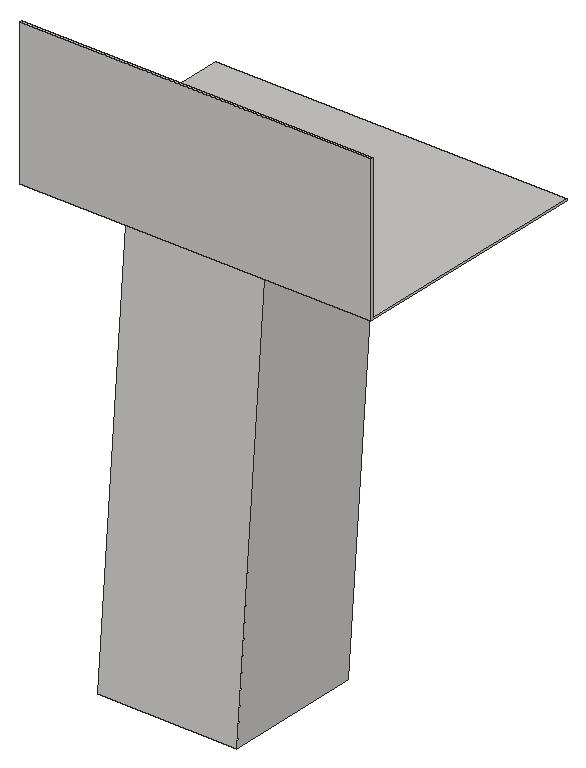
Revit family "Viking Roofspec Scupper 02 M16", category Pipe Fittings, host Face, Revit 2021
Family settings
  Host = Face
  Round Connector Dimension = Use Diameter
  Part Type = Cap
  Cut with Voids When Loaded = Yes
  Shared = No
Parameters (values of type "Scuppers - 100mm x 100mm B")
  URL = "www.vikingroofspec.co.nz"
  Type Comments = "Viking Roofspec 100x100x1.6mm stainless steel scupper IMT108, installed as per manufacturers instructions."
  Model = "IMT108"
  Material = Viking Roofspec - Stainless Steel
  Manufacturer = "Viking Roofspec"  # constant formula
  Leg Cut Offset = 0 mm
  Leg Length Specified [instance] = 300 mm
  Leg Cut Width = 103.2 mm
  Leg Cut Height = 103.2 mm
  Flange Cut Width = 260 mm
  Flange Cut Length = 108 mm
  Default Elevation = 0 mm
  Component = IMT108 : IMT108
Reference planes
  plane 1 "Center (Front/Back)": y = 0
  plane 2: z = 0
  plane 3 "Center (Left/Right)": x = 0
  plane 4 "Pipe Connector": z = -116.857
  plane 5: x = -51.6
  plane 6: x = 51.6
  plane 7: y = -1.6
  plane 8: y = 101.6
  plane 9: y = -1.6
Forms (mm)
  Extrusion 1, void
    sketch origin (0, 0, 0) x (0, 1, 0) y (0, 0, 1)
      loop
        line (101.6, 0) -> (-1.6, 0) -> (-27.847, -300) -> (75.353, -300) -> (101.6, 0)
    from -51.6 to 51.6
  Extrusion 2, void
    sketch origin (0, 0, 0) x (1, 0, 0) y (0, 0, 1)
      loop
        line (-130, 108) -> (-130, 0) -> (130, 0) -> (130, 108) -> (-130, 108)
    from 0 to 1.6
Lines and regions (mm)
  reference lines
    curve 1: line (0, 101.6, -300) -> (0, -1.6, -300)
Dimensions and locks
  locked: host face to plane 4 "Pipe Connector" at 116.857
  "Leg Length Specified": plane 2 to curve 1
  equal spacing: plane 5, plane 3 "Center (Left/Right)", plane 6
  "Leg Cut Width": plane 5 to plane 6
  "Leg Cut Offset": plane 9 to plane 7
  "Leg Cut Height": plane 7 to plane 8
  locked: plane 9 to plane 1 "Center (Front/Back)" at 1.6
  equal spacing: Extrusion 2 sketch curve, plane 3 "Center (Left/Right)", Extrusion 2 sketch curve
  "Flange Cut Width": Extrusion 2 sketch curve to Extrusion 2 sketch curve
  "Flange Cut Length": Extrusion 2 sketch curve to host face
  locked: Extrusion 1 sketch curve to level (angle 95.00°)  (x2)
  aligned and locked: plane 2 to host face
  aligned and locked: level to host face
  aligned and locked: level to Extrusion 1 sketch curve
  aligned and locked: plane 7 to Extrusion 1 sketch curve
  aligned and locked: plane 8 to Extrusion 1 sketch curve
  aligned and locked: Extrusion 1 sketch curve to level
  aligned and locked: curve 1 to Extrusion 1 sketch curve
  aligned and locked: plane 8 to curve 1
  aligned and locked: plane 7 to curve 1
  aligned and locked: Extrusion 2 to level
  aligned and locked: plane 6 to Extrusion 1
  aligned and locked: Extrusion 1 to plane 5
Automatic sketch dimensions
  host sketch curve to host sketch curve = 2438.4 mm  (x2)
  Extrusion 2 sketch curve to level = 0 mm
Nested families
  nested 1: "IMT108" at (0, -0.006, 0), Leg Length Specified <- "Leg Length Specified", Material <- "Material", type <- "Component", type "IMT108"
    with Real Leg Length 300 mm, Material Viking Roofspec - Stainless Steel, Leg Length Specified 300 mm
Definition of nested family "IMT108"
  Parameters (values of type "IMT108")
    Real Leg Length [instance] = if(Leg Length Specified < 100 mm, 100 mm, if(Leg Length Specified > 300 mm, 300 mm, Leg Length Specified))  # 300 mm
    Material [instance] = none
    Manufacturer = "Viking Roofspec"  # constant formula
    Leg Length Specified [instance] = 300 mm
    Default Elevation = 1219.2 mm
  Reference planes
    plane 1 "Center (Front/Back)": y = 0
    plane 2: z = 0
    plane 3 "Center (Left/Right)": x = 0
    plane 4: z = -300
  Forms (mm)
    Extrusion 1, solid, material <- "Material"
      sketch origin (0, 0.006, -0.006) x (0, 0, -1) y (0, 1, 0)
        loop
          line (-108.006, -1.6) -> (0, -1.6) -> (0, 179.994) -> (-1.6, 179.994) -> (-1.6, 0) -> (-108.006, 0) -> (-108.006, -1.6)
      from -130 to 130
    Extrusion 2, solid, material <- "Material"
      sketch origin (0, 0.006, -0.006) x (0, 0, -1) y (0, 1, 0)
        loop
          line (0, 101.594) -> (0, -1.606) -> (299.994, -27.852) -> (299.994, 75.348) -> (0, 101.594)
      from -51.6 to 51.6
    Extrusion 3, void
      sketch origin (0, 0.006, -0.006) x (0, 0, -1) y (0, 1, 0)
        loop
          line (299.994, -26.245) -> (299.994, 73.736) -> (-0.133, 99.994) -> (-9.861, 99.994) -> (-9.861, -0.012) -> (0.147, -0.012) -> (299.994, -26.245)
      from -50 to 50
  Cuts and joins
    Extrusion 3 cuts Extrusion 1
    Extrusion 3 cuts Extrusion 2
  Dimensions and locks
    "Real Leg Length": level to plane 4
    Extrusion 1 sketch curve to plane 2 = 108 mm
    Extrusion 1 sketch curve to plane 1 "Center (Front/Back)" = 180 mm
    locked: plane 1 "Center (Front/Back)" to Extrusion 2 sketch curve at 101.6
    locked: plane 1 "Center (Front/Back)" to Extrusion 3 sketch curve at 100
    locked: Extrusion 2 sketch curve to level (angle 95.00°)
    locked: level to Extrusion 2 sketch curve (angle 85.00°)
    locked: Extrusion 3 sketch curve to level (angle 95.00°)
    locked: level to Extrusion 3 sketch curve (angle 85.00°)
    aligned and locked: level to plane 2
    aligned and locked: plane 4 to Extrusion 2
    aligned and locked: plane 4 to Extrusion 3 sketch curve
  Automatic sketch dimensions
    plane 1 "Center (Front/Back)" to Extrusion 1 sketch curve = 1.594 mm
    level to Extrusion 1 sketch curve = 1.594 mm
    Extrusion 1 sketch curve to level = 0.006 mm
    Extrusion 1 sketch curve to Extrusion 1 sketch curve = 1.6 mm
    Extrusion 3 sketch curve to level = 0.153 mm
    level to Extrusion 3 sketch curve = 0.127 mm
    level to Extrusion 3 sketch curve = 9.854 mm
    plane 1 "Center (Front/Back)" to Extrusion 3 sketch curve = 0.006 mm
    Extrusion 2 sketch curve to plane 4 = 0 mm
    Extrusion 2 sketch curve to level = 0.006 mm
    plane 1 "Center (Front/Back)" to Extrusion 2 sketch curve = 1.6 mm
